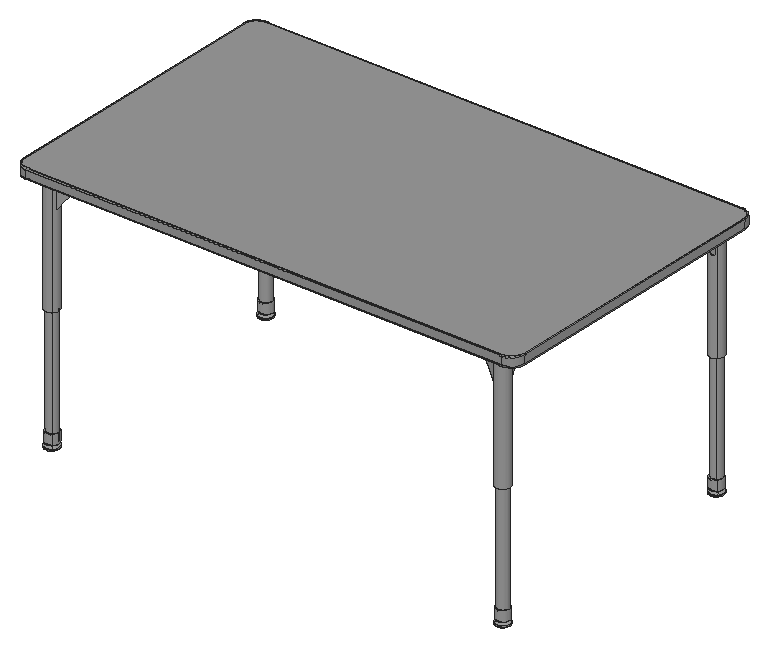
Revit family "Hierarchy Activity 60x36 Rectangle Table", category Furniture, Revit 2018
Family settings
  Work Plane-Based = No
  Always vertical = Yes
  Cut with Voids When Loaded = No
  Shared = No
  Room Calculation Point = No
Parameters
  Table Height = 2' - 5"
  Surface = Hierarchy Activity 60x36 Rectangle Table Surface
  Leg Finish = Hierarchy Leg Platinum
  Edgeband = Hierarchy Activity 60x36 Rectangle Table Edgeband
  Caster/Glide = Hierarchy Leg - Glide : Hierarchy Leg - Glide
Reference planes (in)
  plane 1 "Center (Front/Back)": y = 0
  plane 2: z = 0
  plane 3 "Center (Left/Right)": x = 0
  plane 4: z = 29
Dimensions and locks (in)
  "Table Height": plane 4 to level
  aligned and locked: plane 2 to level
  aligned and locked: nested 1 to plane 4
Nested families (in)
  nested 1: "Activity 60x36 Tabletop" at (0, 0, 5.075), type "Activity 60x36 Tabletop"
  nested 2: "Hierarchy Leg - Glide" at (-27, 16, 0) x (0.7071, 0.7071, 0) z (0, 0, 1), type <- "Caster/Glide", Leg Finish <- "Leg Finish", Leg Height <- "Table Height", type "Hierarchy Leg - Glide"
  nested 3: "Hierarchy Leg - Glide" at (-27, -16, 0) x (0.7071, -0.7071, 0) z (0, 0, 1), type <- "Caster/Glide", Leg Finish <- "Leg Finish", Leg Height <- "Table Height", type "Hierarchy Leg - Glide"
    with Leg Height 2' - 5", Leg Finish Hierarchy Leg Platinum
  nested 4: "Hierarchy Leg - Glide" at (27, 16, 0) x (-0.7071, 0.7071, 0) z (0, 0, 1), Leg Finish <- "Leg Finish", Leg Height <- "Table Height", type "Hierarchy Leg - Glide"
    with Leg Height 2' - 5", Leg Finish Hierarchy Leg Platinum
  nested 5: "Hierarchy Leg - Glide" at (27, -16, 0) x (-0.7071, -0.7071, 0) z (0, 0, 1), Leg Finish <- "Leg Finish", Leg Height <- "Table Height", type "Hierarchy Leg - Glide"
    with Leg Height 2' - 5", Leg Finish Hierarchy Leg Platinum
Definition of nested family "Activity 60x36 Tabletop"
  Parameters (values of type "Activity 60x36 Tabletop")
    Surface = none
    Edgeband = none
  Reference planes (in)
    plane 1 "Center (Front/Back)": y = 0
    plane 2: z = 0
    plane 3 "Center (Left/Right)": x = 0
  Forms (in)
    Extrusion 1, solid, material <- "Surface"
      sketch origin (0, 0, 0) x (1, 0, 0) y (0, 1, 0)
        loop
          line (28.5, 17.88189) -> (-28.5, 17.88189)
          arc (-28.5, 17.88189) -> (-29.47714, 17.47714) -> (-29.88189, 16.5) r 1.38189
          line (-29.88189, 16.5) -> (-29.88189, -16.5)
          arc (-29.88189, -16.5) -> (-29.47714, -17.47714) -> (-28.5, -17.88189) r 1.38189
          line (-28.5, -17.88189) -> (28.5, -17.88189)
          arc (28.5, -17.88189) -> (29.47714, -17.47714) -> (29.88189, -16.5) r 1.38189
          line (29.88189, -16.5) -> (29.88189, 16.5)
          arc (29.88189, 16.5) -> (29.47714, 17.47714) -> (28.5, 17.88189) r 1.38189
      from 23.925 to 25.125
    Sweep 2, solid, material <- "Edgeband"
      path origin (0, 0, 0) x (1, 0, 0) y (0, 1, 0)
        loop
          line (28.5, 17.88189) -> (-28.5, 17.88189)
          arc (-28.5, 17.88189) -> (-29.47714, 17.47714) -> (-29.88189, 16.5) r 1.38189
          line (-29.88189, 16.5) -> (-29.88189, -16.5)
          arc (-29.88189, -16.5) -> (-29.47714, -17.47714) -> (-28.5, -17.88189) r 1.38189
          line (-28.5, -17.88189) -> (28.5, -17.88189)
          arc (28.5, -17.88189) -> (29.47714, -17.47714) -> (29.88189, -16.5) r 1.38189
          line (29.88189, -16.5) -> (29.88189, 16.5)
          arc (29.88189, 16.5) -> (29.47714, 17.47714) -> (28.5, 17.88189) r 1.38189
      profile origin (0, 17.88189, 0) x (0, -1, 0) y (0, 0, 1)
        loop
          arc (0, 25.125) -> (-0.08352, 25.09041) -> (-0.11811, 25.00689) r 0.11811
          line (-0.11811, 25.00689) -> (-0.11811, 24.04311)
          arc (-0.11811, 24.04311) -> (-0.08352, 23.95959) -> (0, 23.925) r 0.11811
          line (0, 23.925) -> (0, 25.125)
  Dimensions and locks (in)
    aligned and locked: plane 2 to level
Definition of nested family "Hierarchy Leg - Glide"
  Parameters (values of type "Hierarchy Leg - Glide")
    Leg Finish [instance] = none
    Leg Height [instance] = 2' - 5"
  Reference planes (in)
    plane 1 "Center (Front/Back)": y = 0
    plane 2: z = 0
    plane 3 "Center (Left/Right)": x = 0
  Forms (in)
    Extrusion 1, solid
      sketch origin (-0.01562, 0, 0) x (1, 0, 0) y (0, 1, 0)
        loop
          circle (0.01563, 0) r 0.67016
      from 0.67618 to 16.17618
    Revolve 2, solid
      sketch origin (0, 0, 0) x (1, 0, 0) y (0, 0, 1)
        loop
          line (-0.73189, 1.80118) -> (-0.79439, 1.73867) -> (-0.79439, 0.61381) -> (-0.73176, 0.55118) -> (-0.125, 0.55118) -> (-0.125, 0.42618) -> (-0.84656, 0.16241) -> (-0.84656, 0.08994) -> (-0.81359, 0) -> (0, 0) -> (0, 1.80118) -> (-0.73189, 1.80118)
        axis (0, 1.80118) -> (0, 0)
      angle from 0 to 360
  Dimensions and locks (in)
    "Leg Height": nested 1 to level
    aligned and locked: plane 2 to level
  Automatic sketch dimensions
    plane 1 "Center (Front/Back)" to Extrusion 1 sketch curve = 0' - 0"
    Extrusion 1 sketch curve to plane 3 "Center (Left/Right)" = 0' - 0"
    Revolve 2 sketch curve to level = 0' - 0"
    Revolve 2 sketch curve to plane 3 "Center (Left/Right)" = 0' - 0"  (x2)
    Revolve 2 sketch curve to plane 3 "Center (Left/Right)" = 0' - 0 1/8"
    Revolve 2 sketch curve to Revolve 2 sketch curve = 0' - 0.60676"
    Revolve 2 sketch curve to Revolve 2 sketch curve = 0' - 0.73189"
    Revolve 2 sketch curve to Revolve 2 sketch curve = 0' - 0.06263"  (x2)
    Revolve 2 sketch curve to Revolve 2 sketch curve = 0' - 0.08183"
    Revolve 2 sketch curve to Revolve 2 sketch curve = 0' - 0.03297"
    level to Revolve 2 sketch curve = 0' - 0.08994"
    Revolve 2 sketch curve to Revolve 2 sketch curve = 0' - 0.07247"
    level to Revolve 2 sketch curve = 0' - 0.42618"
    Revolve 2 sketch curve to Revolve 2 sketch curve = 0' - 0 1/8"
    Revolve 2 sketch curve to Revolve 2 sketch curve = 0' - 1.12486"
    Revolve 2 sketch curve to Revolve 2 sketch curve = 0' - 0 1/16"
    Revolve 2 sketch curve to level = 2' - 0"
    Revolve 2 sketch curve to Revolve 2 sketch curve = 8' - 4.91764"
    radius of Extrusion 1 sketch curve = 0' - 0.67016"
  Nested families (in)
    nested 1: "Hierarchy Upper Leg 2023" at (0, 0, 1.19783), Shapes Leg Finish <- "Leg Finish", type "Hierarchy Upper Leg 2023"
      with Shapes Leg Finish none
  Definition of nested family "Hierarchy Upper Leg 2023"
    Parameters (values of type "Hierarchy Upper Leg 2023")
      Shapes Leg Finish [instance] = none
    Reference planes (in)
      plane 1 "Center (Front/Back)": y = 0
      plane 2: z = 0
      plane 3 "Center (Left/Right)": x = 0
    Forms (in)
      Extrusion 1, solid, material <- "Shapes Leg Finish"
        sketch origin (0, 0, 0) x (1, 0, 0) y (0, 1, 0)
          loop
            circle (0, 0) r 0.84802
        from 13.67618 to 27.67618
      Extrusion 2, solid, material <- "Shapes Leg Finish"
        sketch origin (0, 0, 0) x (1, 0, 0) y (0, 1, 0)
          loop
            line (-1.70174, 0.19183) -> (-2.88626, -2.26116)
            arc (-2.88626, -2.26116) -> (-2.83993, -3.09822) -> (-2.1063, -3.50394) r 0.86614
            line (-2.1063, -3.50394) -> (2.1063, -3.50394)
            arc (2.1063, -3.50394) -> (2.83993, -3.09822) -> (2.88626, -2.26116) r 0.86614
            line (2.88626, -2.26116) -> (1.70174, 0.19183)
            arc (1.70174, 0.19183) -> (0, 1.25984) -> (-1.70174, 0.19183) r 1.88976
        from 27.67618 to 27.80217
      Extrusion 3, solid, material <- "Shapes Leg Finish"
        sketch origin (-1.48519, 8.66524, 0) x (-0.434844, 0.900506, 0) y (0, 0, 1)
          loop
            line (-9.01425, 27.67618) -> (-11.80952, 27.67618)
            arc (-11.80952, 27.67618) -> (-11.92325, 27.58993) -> (-11.87088, 27.45715) r 0.11811
            arc (-11.87088, 27.45715) -> (-10.39364, 26.29679) -> (-9.23328, 24.81955) r 7.87402
            arc (-9.23328, 24.81955) -> (-9.1005, 24.76717) -> (-9.01425, 24.88091) r 0.11811
            line (-9.01425, 24.88091) -> (-9.01425, 27.67618)
        from -1.94075 to -1.81476
      Extrusion 4, solid, material <- "Shapes Leg Finish"
        sketch origin (1.48519, 8.66524, 0) x (0.434844, 0.900506, 0) y (0, 0, -1)
          loop
            line (-9.01425, -27.67618) -> (-9.01425, -24.88091)
            arc (-9.01425, -24.88091) -> (-9.1005, -24.76717) -> (-9.23328, -24.81955) r 0.11811
            arc (-9.23328, -24.81955) -> (-10.39364, -26.29679) -> (-11.87088, -27.45715) r 7.87402
            arc (-11.87088, -27.45715) -> (-11.92325, -27.58993) -> (-11.80952, -27.67618) r 0.11811
            line (-11.80952, -27.67618) -> (-9.01425, -27.67618)
        from -1.94075 to -1.81476
    Dimensions and locks (in)
      aligned and locked: plane 2 to level
